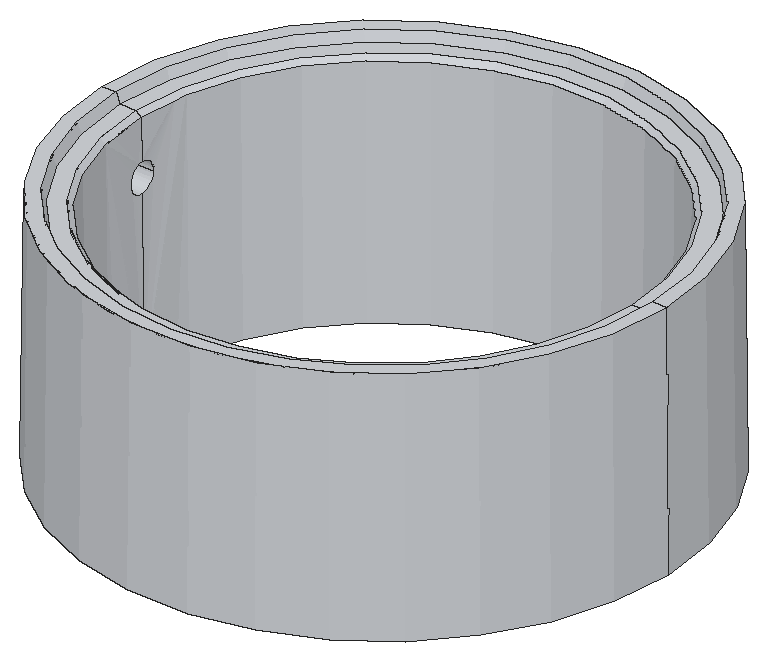
Revit family "Кольцо 1000х510 с замком КС 10-5", category Обобщенные модели, Revit 2023
Family settings
  Может служить основой для арматурных стержней = Нет
  Размер круглого соединителя = Использовать диаметр
  Тип детали = Нормальный
  На основе рабочей плоскости = Нет
  Всегда вертикально = Да
  При загрузке вырезать с полостями = Нет
  Сохранять ориентацию аннотаций = Нет
  Общий = Нет
  Точка принадлежности помещению = Нет
Parameters (values of type "Кольцо 1000х510 с замком КС 10.5")
  фаска = 10 mm
  толщ_на_h2_расч = (t1 - t2) / 2 * (h1 + h2) / ADSK_Размер_Высота + 10 mm  # 16.618 mm
  толщ_на_h1_расч = (t1 - t2) / 2 * h1 / ADSK_Размер_Высота + 10 mm  # 13.627 mm
  сужение_низ = 5 mm
  отступ_низ = 38 mm
  отступ_верх = 28.5 mm
  выступ = 20 mm
  вырез2 = no
  вырез1 = yes
  Отметка по умолчанию = 0 mm
  t2 = 80 mm
  t1 = 90 mm
  h2 = 305 mm
  h1 = 370 mm
  d1 = 20 mm * tan(20.00°)  # 7.279 mm
  ADSK_Размер_Диаметр = 1000 mm
  ADSK_Размер_Высота = 510 mm
  ADSK_Масса = 355
Reference planes
  plane 1 "По центру (Вперед/Назад)": y = 0
  plane 2: z = 0
  plane 3 "По центру (Влево/Вправо)": x = 0
  plane 4: x = 500
  plane 5: x = -500
  plane 6: y = 500
  plane 7: y = -500
  plane 8: z = 490
  plane 9: z = 510
  plane 10: z = 20
  plane 11: x = -585
  plane 12: x = 585
  plane 13: y = 585
  plane 14: y = -585
  plane 15: y = 580
  plane 16: y = -580
  plane 17: x = -580
  plane 18: x = 580
  plane 19: x = 538
  plane 20: x = 551.5
  plane 21: x = 544.221
  plane 22: x = 545.279
  plane 23: z = 480
  plane 24: x = 510
  plane 25: z = 370
  plane 26: z = 675
  plane 27: y = 495
  plane 28: y = -495
  plane 29: x = -495
  plane 30: x = 495
  plane 31: x = -568.382
  plane 32: x = -571.373
  plane 33: x = 568.382
  plane 34: x = 571.373
Forms (mm)
  Revolve 1, solid
    sketch origin (0, 0, 0) x (1, 0, 0) y (0, 0, 1)
      loop
        line (500, 480) -> (495, 0) -> (538, 0) -> (545.279, 20) -> (585, 20) -> (580, 510) -> (551.5, 510) -> (544.221, 490) -> (510, 490) -> (500, 480)
      axis (0, 0) -> (0, 510)
    angle from 0 to 360
  Extrusion 2, void, detail levels medium+fine
    sketch origin (0, 0, 0) x (0, -1, 0) y (0, 0, 1)
      loop
        circle (0, 370) r 30
    from -571.373 to 571.373
Cuts and joins
  Extrusion 2 cuts Revolve 1
Dimensions and locks
  equal spacing: plane 5, plane 3 "По центру (Влево/Вправо)", plane 4
  equal spacing: plane 7, plane 1 "По центру (Вперед/Назад)", plane 6
  "ADSK_Размер_Диаметр": plane 5 to plane 4
  "ADSK_Размер_Диаметр": plane 7 to plane 6
  "выступ": plane 9 to plane 8
  "выступ": plane 10 to level
  "t1": plane 11 to plane 29
  "t1": plane 30 to plane 12
  "t2": plane 6 to plane 15
  "t2": plane 16 to plane 7
  "t2": plane 17 to plane 5
  "t2": plane 4 to plane 18
  "отступ_низ": plane 19 to plane 4
  "отступ_верх": plane 18 to plane 20
  "d1": plane 20 to plane 21
  "d1": plane 22 to plane 19
  "фаска": plane 8 to plane 23
  "фаска": plane 24 to plane 4
  "h1": plane 25 to level
  "h2": plane 26 to plane 25
  "ADSK_Размер_Высота": plane 9 to level
  "сужение_низ": plane 5 to plane 29
  "сужение_низ": plane 30 to plane 4
  "сужение_низ": plane 27 to plane 6
  "сужение_низ": plane 7 to plane 28
  "t1": plane 14 to plane 28
  "t1": plane 27 to plane 13
  "толщ_на_h2_расч": plane 31 to plane 11
  "толщ_на_h1_расч": plane 32 to plane 11
  "толщ_на_h2_расч": plane 12 to plane 33
  "толщ_на_h1_расч": plane 12 to plane 34
  aligned and locked: level to plane 2
  aligned and locked: Revolve 1 sketch curve to plane 8
  aligned and locked: Revolve 1 sketch curve to plane 9
  aligned and locked: plane 10 to Revolve 1 sketch curve
  aligned and locked: Revolve 1 sketch curve to level
  aligned and locked: Extrusion 2 to plane 32
  aligned and locked: plane 34 to Extrusion 2
Automatic sketch dimensions
  Revolve 1 sketch curve to level = 0 mm
  Revolve 1 sketch curve to plane 3 "По центру (Влево/Вправо)" = 0 mm
  Revolve 1 sketch curve to plane 30 = 0 mm
  Revolve 1 sketch curve to plane 4 = 0 mm
  Revolve 1 sketch curve to plane 24 = 0 mm
  Revolve 1 sketch curve to plane 19 = 0 mm
  Revolve 1 sketch curve to plane 22 = 0 mm
  Revolve 1 sketch curve to plane 21 = 0 mm
  Revolve 1 sketch curve to plane 20 = 0 mm
  Revolve 1 sketch curve to plane 18 = 0 mm
  Revolve 1 sketch curve to plane 12 = 0 mm
  Revolve 1 sketch curve to plane 23 = 0 mm
  Revolve 1 sketch curve to plane 9 = 0 mm
  Extrusion 2 sketch curve to plane 1 "По центру (Вперед/Назад)" = 0 mm
  Extrusion 2 sketch curve to plane 25 = 0 mm
  radius of Extrusion 2 sketch curve = 30 mm
